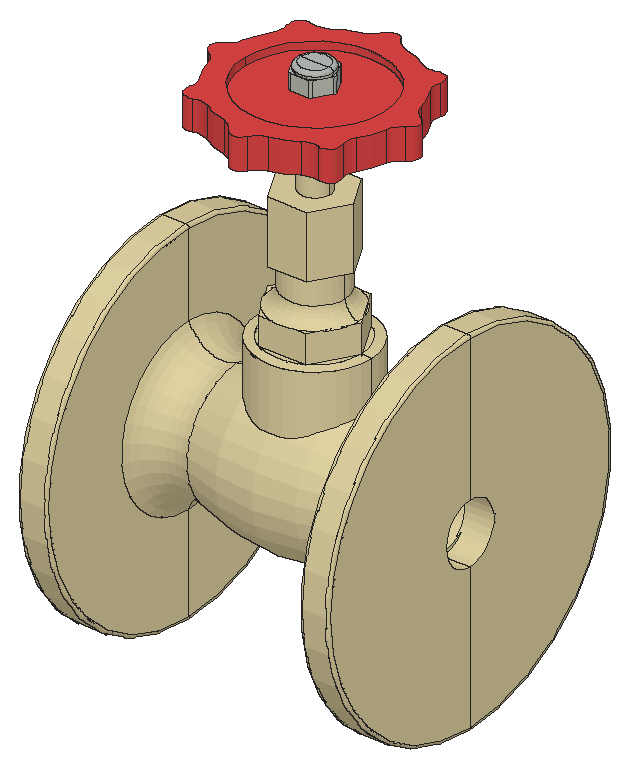
Revit family "DA05400000", category Apparecchi idraulici, Revit 2020
Family settings
  Quota connettore circolare = Usa diametro
  Tipo di parte = Normale
  Numero OmniClass = 23.45.00.00
  Titolo OmniClass = Sanitary, Laundry, and Cleaning Equipment
  Basato su piano di lavoro = No
  Sempre verticale = Sì
  Taglio con vuoti quando caricato = No
  Condiviso = No
  Punto di calcolo locali = No
Parameters
  URL = "https://web.cimberio.com/index.php/figura/696?subcategoria_id="
  Temperatura di esercizio = "-10 ÷ 170°C"
  Prospetto di default = 0 mm
  Produttore = "CIMBERIO SPA"
  Pressione nominale = "PN 16"
  Modello = "Cim 82PN10"
  Materiale = "Prodotto in lega di bronzo conforme alla norma EN 1982-CC491K"
  Descrizione = "Utilizzato nei più svariati settori dell’impiantistica ed in ogni applicazione industriale ed agricola dove è richiesta una regolazione: impianti di riscaldamento, idrici, igienico sanitari, aria compressa, reti di distribuzione vapore saturo, olii, benzine, petrolio ed altri idrocarburi e in generale con ogni fluido non corrosivo"
  DN Model [instance] = DA05403110 : DA05403110
  DN [instance] = 16 mm
  Commenti sul tipo = "Realizzato in ottemperanza ai requisiti gestionali della norma EN ISO 9001.\r\nCollaudato al 100% secondo la normativa EN 12266-1"
Reference planes
  plane 1 "Centro (Fronte/Retro)": y = 0
  plane 2: z = 0
  plane 3 "Centro (Sinistra/Destra)": x = 0
Dimensions and locks
  aligned and locked: level to plane 2
Nested families
  nested 1: "DA05403110" at (0, 0, 0), type <- "DN Model", type "DA05403110"
  nested 2: "DA05403110" at (0, 0, 0), type <- "DN Model", type "DA05403110"
  nested 3: "DA05403110" at (0, 0, 0), type <- "DN Model", type "DA05403110"
  nested 4: "DA05403110" at (0, 0, 0), type <- "DN Model", type "DA05403110"
  nested 5: "DA05403110" at (0, 0, 0), type <- "DN Model", type "DA05403110"
  nested 6: "DA05403110" at (0, 0, 0), type <- "DN Model", type "DA05403110"
  nested 7: "DA05403110" at (0, 0, 0), type <- "DN Model", type "DA05403110"
  nested 8: "DA05403110" at (0, 0, 0), type <- "DN Model", type "DA05403110"
  nested 9: "DA05403110" at (0, 0, 0), type <- "DN Model", type "DA05403110"
Connectors
  piping at (41.232, 0, 0), diameter 16, driven by "DN"
    settings: on nested 1, index 1, connector inside diameter 609.6 mm, connector length 0 mm, flow factor 0, pipe flow 0.0 L/s, pressure drop 0.0 Pa, fitting loss kfactor 0, connector angle 0.00°, fixture units 0, engagement length 0 mm, angle of deflection 0.00°, flow configuration 0, flow direction 0, fitting loss method 0, system type 7, joint type 0, gender type 0, connector reference index -1, connector utility 0, adjustable connector no, is connector primary yes, connector description ""
  piping at (-41.232, 0, 0), diameter 16, driven by "DN"
    settings: on nested 1, index 2, connector inside diameter 609.6 mm, connector length 0 mm, flow factor 0, pipe flow 0.0 L/s, pressure drop 0.0 Pa, fitting loss kfactor 0, connector angle 0.00°, fixture units 0, engagement length 0 mm, angle of deflection 0.00°, flow configuration 0, flow direction 0, fitting loss method 0, system type 7, joint type 0, gender type 0, connector reference index -1, connector utility 0, adjustable connector no, is connector primary no, connector description ""
Definition of nested family "DA05403110"
  Parameters (values of type "DA05403110")
    Default Elevation = 0 mm
  Reference planes
    plane 1 "Centro (Fronte/Retro)": y = 0
    plane 2: z = 0
    plane 3 "Centro (Sinistra/Destra)": x = 0
  Forms (mm)
    Revolve 1, solid
      sketch origin (0, 0, 0) x (1, 0, 0) y (0, 0, 1)
        loop
          line (33.727, -7.5) -> (-33.937, -7.5) -> (-33.937, -22.217)
          arc (-33.937, -22.217) -> (-29.131, -15.246) -> (-20.687, -14.614) r 9.811
          arc (-20.687, -14.614) -> (0, -18.5) -> (20.687, -14.614) r 57
          arc (20.687, -14.614) -> (28.684, -15.005) -> (33.727, -21.225) r 9.811
          line (33.727, -21.225) -> (33.727, -7.5)
        axis (-33.937, 2) -> (33.727, 2)
      angle from 0 to 360
    Revolve 2, solid
      sketch origin (0, 0, 0) x (1, 0, 0) y (0, 0, 1)
        loop
          line (-15, 4.172) -> (0, 4.172) -> (0, 32.573) -> (-12.5, 32.573) -> (-15, 32.132) -> (-15, 4.172)
        axis (0, 32.573) -> (0, 4.172)
      angle from 0 to 360
    Extrusion 3, solid
      sketch origin (0, 0, 0) x (0, -1, 0) y (1, 0, 0)
        loop
          line (0, 12.5) -> (-10.825, 6.25) -> (-10.825, -6.25) -> (0, -12.5) -> (10.825, -6.25) -> (10.825, 6.25) -> (0, 12.5)
      from 32.132 to 39.804
    Revolve 4, solid
      sketch origin (0, 0, 3.5) x (1, 0, 0) y (0, 0, 1)
        loop
          line (0, 47.5) -> (-7.95, 47.5) -> (-8.019, 40.572)
          arc (-8.019, 40.572) -> (-9.032, 37.961) -> (-11.29, 36.304) r 5
          line (-11.29, 36.304) -> (0, 36.304) -> (0, 47.5)
        axis (0, 47.5) -> (0, 36.304)
      angle from 0 to 360
    Extrusion 5, solid
      sketch origin (0, 0, 0) x (0, -1, 0) y (1, 0, 0)
        loop
          line (0, -10.4) -> (9.007, -5.2) -> (9.007, 5.2) -> (0, 10.4) -> (-9.007, 5.2) -> (-9.007, -5.2) -> (0, -10.4)
      from 51 to 67.5
    Revolve 6, solid
      sketch origin (0, 0, 12.019) x (1, 0, 0) y (0, 0, 1)
        loop
          line (-8.5, 72.318) -> (-8.5, 69.97)
          arc (-8.5, 69.97) -> (-8.353, 69.616) -> (-7.999, 69.469) r 0.501
          line (-7.999, 69.469) -> (-4, 69.469) -> (-4, 52.626) -> (0, 52.626) -> (0, 72.318) -> (-8.5, 72.318)
        axis (0, 72.318) -> (0, 52.626)
      angle from 0 to 360
    Extrusion 7, solid
      sketch origin (0, 0, 12.085) x (0.98263, 0.185575, 0) y (-0.185575, 0.98263, 0)
        loop
          spline (-12.624, 22.54) -> (-13.213, 22.77) -> (-13.791, 22.909) -> (-14.346, 22.954) -> (-14.868, 22.904) -> (-15.347, 22.761) -> (-15.773, 22.527) -> (-16.139, 22.206) -> (-16.438, 21.805) -> (-16.663, 21.332) -> (-16.81, 20.794) -> (-16.877, 20.204) -> (-16.863, 19.572)
          arc (-16.863, 19.572) -> (-17.081, 17.552) -> (-18.08, 15.783) r 5.029
          arc (-18.08, 15.783) -> (-20.241, 12.895) -> (-21.945, 9.716) r 24
          arc (-21.945, 9.716) -> (-23.126, 8.063) -> (-24.865, 7.011) r 5.029
          spline (-24.865, 7.011) -> (-25.444, 6.757) -> (-25.951, 6.447) -> (-26.375, 6.086) -> (-26.709, 5.682) -> (-26.946, 5.242) -> (-27.082, 4.775) -> (-27.114, 4.29) -> (-27.042, 3.795) -> (-26.866, 3.301) -> (-26.591, 2.817) -> (-26.221, 2.352) -> (-25.763, 1.916)
          arc (-25.763, 1.916) -> (-24.489, 0.333) -> (-23.945, -1.624) r 5.029
          arc (-23.945, -1.624) -> (-23.431, -5.195) -> (-22.388, -8.648) r 24
          arc (-22.388, -8.648) -> (-22.054, -10.652) -> (-22.54, -12.624) r 5.029
          spline (-22.54, -12.624) -> (-22.77, -13.213) -> (-22.909, -13.791) -> (-22.954, -14.346) -> (-22.904, -14.868) -> (-22.761, -15.347) -> (-22.527, -15.773) -> (-22.206, -16.139) -> (-21.805, -16.438) -> (-21.332, -16.663) -> (-20.794, -16.81) -> (-20.204, -16.877) -> (-19.572, -16.863)
          arc (-19.572, -16.863) -> (-17.552, -17.081) -> (-15.783, -18.08) r 5.029
          arc (-15.783, -18.08) -> (-12.895, -20.241) -> (-9.716, -21.945) r 24
          arc (-9.716, -21.945) -> (-8.081, -23.106) -> (-7.03, -24.813) r 5.029
          spline (-7.03, -24.813) -> (-6.779, -25.402) -> (-6.471, -25.918) -> (-6.111, -26.351) -> (-5.706, -26.693) -> (-5.265, -26.937) -> (-4.795, -27.079) -> (-4.307, -27.115) -> (-3.809, -27.045) -> (-3.312, -26.871) -> (-2.824, -26.595) -> (-2.356, -26.223) -> (-1.916, -25.763)
          arc (-1.916, -25.763) -> (-0.333, -24.489) -> (1.624, -23.945) r 5.029
          arc (1.624, -23.945) -> (5.195, -23.431) -> (8.648, -22.388) r 24
          arc (8.648, -22.388) -> (10.624, -22.053) -> (12.575, -22.516) r 5.029
          spline (12.575, -22.516) -> (13.172, -22.757) -> (13.759, -22.903) -> (14.323, -22.954) -> (14.854, -22.907) -> (15.341, -22.764) -> (15.773, -22.527) -> (16.144, -22.201) -> (16.445, -21.793) -> (16.671, -21.31) -> (16.816, -20.763) -> (16.879, -20.161) -> (16.858, -19.518)
          arc (16.858, -19.518) -> (17.089, -17.526) -> (18.08, -15.783) r 5.029
          arc (18.08, -15.783) -> (20.241, -12.895) -> (21.945, -9.716) r 24
          arc (21.945, -9.716) -> (23.106, -8.081) -> (24.813, -7.03) r 5.029
          spline (24.813, -7.03) -> (25.406, -6.777) -> (25.924, -6.466) -> (26.359, -6.103) -> (26.701, -5.694) -> (26.944, -5.249) -> (27.082, -4.775) -> (27.114, -4.283) -> (27.038, -3.781) -> (26.856, -3.281) -> (26.572, -2.791) -> (26.191, -2.321) -> (25.721, -1.881)
          arc (25.721, -1.881) -> (24.477, -0.309) -> (23.945, 1.624) r 5.029
          arc (23.945, 1.624) -> (23.431, 5.195) -> (22.388, 8.648) r 24
          arc (22.388, 8.648) -> (22.053, 10.624) -> (22.516, 12.575) r 5.029
          spline (22.516, 12.575) -> (22.757, 13.172) -> (22.903, 13.759) -> (22.954, 14.323) -> (22.907, 14.854) -> (22.764, 15.341) -> (22.527, 15.773) -> (22.201, 16.144) -> (21.793, 16.445) -> (21.31, 16.671) -> (20.763, 16.816) -> (20.161, 16.879) -> (19.518, 16.858)
          arc (19.518, 16.858) -> (17.526, 17.089) -> (15.783, 18.08) r 5.029
          arc (15.783, 18.08) -> (12.895, 20.241) -> (9.716, 21.945) r 24
          arc (9.716, 21.945) -> (8.063, 23.126) -> (7.011, 24.865) r 5.029
          spline (7.011, 24.865) -> (6.755, 25.448) -> (6.442, 25.957) -> (6.078, 26.383) -> (5.67, 26.717) -> (5.227, 26.953) -> (4.755, 27.086) -> (4.266, 27.113) -> (3.768, 27.035) -> (3.271, 26.852) -> (2.784, 26.568) -> (2.318, 26.188) -> (1.881, 25.721)
          arc (1.881, 25.721) -> (0.309, 24.477) -> (-1.624, 23.945) r 5.029
          arc (-1.624, 23.945) -> (-5.195, 23.431) -> (-8.648, 22.388) r 24
          arc (-8.648, 22.388) -> (-10.652, 22.054) -> (-12.624, 22.54) r 5.029
      from 71.915 to 79.915
    Extrusion 8, void
      sketch origin (0, 0, 12.085) x (1, 0, 0) y (0, 1, 0)
        loop
          circle (0, 0) r 18.5
      from 78 to 80.921
    Extrusion 9, solid
      sketch origin (0.001, 0, 14) x (0.934965, 0.354741, 0) y (-0.354741, 0.934965, 0)
        loop
          line (-1.377, 5.329) -> (-4.94, 2.419)
          arc (-4.94, 2.419) -> (-5.249, 1.991) -> (-5.302, 1.465) r 1.021
          line (-5.302, 1.465) -> (-4.565, -3.074)
          arc (-4.565, -3.074) -> (-4.349, -3.551) -> (-3.924, -3.858) r 1.012
          line (-3.924, -3.858) -> (0.37, -5.486)
          arc (0.37, -5.486) -> (0.9, -5.54) -> (1.387, -5.321) r 1.03
          line (1.387, -5.321) -> (4.931, -2.427)
          arc (4.931, -2.427) -> (5.246, -1.989) -> (5.3, -1.452) r 1.042
          line (5.3, -1.452) -> (4.567, 3.058)
          arc (4.567, 3.058) -> (4.346, 3.549) -> (3.909, 3.863) r 1.04
          line (3.909, 3.863) -> (-0.382, 5.491)
          arc (-0.382, 5.491) -> (-0.901, 5.543) -> (-1.377, 5.329) r 1.007
      from 78 to 82
    Revolve 10, solid
      sketch origin (0, 0, 13.506) x (1, 0, 0) y (0, 0, 1)
        loop
          line (0, 83.994) -> (0, 81.954) -> (4.75, 81.954) -> (4.75, 82.994)
          arc (4.75, 82.994) -> (4.457, 83.701) -> (3.75, 83.994) r 1
          line (3.75, 83.994) -> (0, 83.994)
        axis (0, 83.994) -> (0, 81.954)
      angle from 0 to 360
    Revolve 11, solid
      sketch origin (-6.732, 0, 0) x (1, 0, 0) y (0, 0, 1)
        loop
          line (-34.5, 46.192) -> (-34.5, 8) -> (-26.733, 8) -> (-26.733, 46.165)
          arc (-26.733, 46.165) -> (-26.977, 46.756) -> (-27.567, 47) r 0.835
          line (-27.567, 47) -> (-33.692, 47)
          arc (-33.692, 47) -> (-34.263, 46.763) -> (-34.5, 46.192) r 0.808
        axis (-34.5, 0) -> (-26.733, 0)
      angle from 0 to 360
    Revolve 12, solid
      sketch origin (6.732, 0, 0) x (-1, 0, 0) y (0, 0, -1)
        loop
          arc (-34.5, -46.192) -> (-34.263, -46.763) -> (-33.692, -47) r 0.808
          line (-33.692, -47) -> (-27.567, -47)
          arc (-27.567, -47) -> (-26.977, -46.756) -> (-26.733, -46.165) r 0.835
          line (-26.733, -46.165) -> (-26.733, -8) -> (-34.5, -8) -> (-34.5, -46.192)
        axis (-34.5, 0) -> (-26.733, 0)
      angle from 0 to 360
  Cuts and joins
    Extrusion 8 cuts Extrusion 7
  Dimensions and locks
    aligned and locked: level to plane 2
